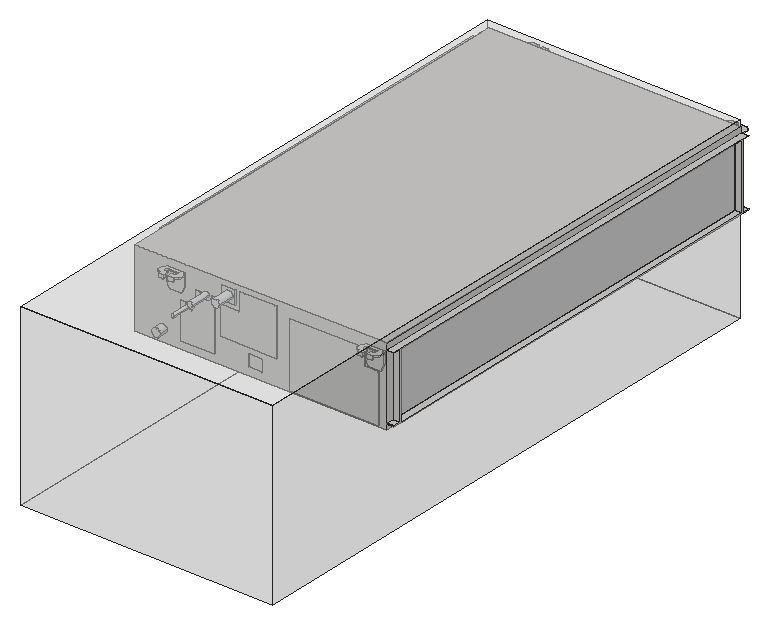
Revit family "outputfile", category 機械設備, Revit 2024
Family settings
  丸型コネクタ寸法 = 半径を使用
  パーツ タイプ = 標準
  OmniClass 番号 = 23.75.10.24.21.27.27
  OmniClass タイトル = Split System Air Conditioning Units
  作業面ベース = いいえ
  常に垂直 = はい
  ロード時にボイドで切り取り = いいえ
  注釈の向きを維持 = いいえ
  共有 = いいえ
  部屋計算ポイント = はい
Parameters (values of type "FXSQ100PAVE9")
  Description = ""
  製造元 = "Daikin"
  書き出し IFC クラス(タイプ) = "IfcUnitaryEquipmentType"
  定義済み IFC タイプ(タイプ) = "AIRCONDITIONINGUNIT"
  Cost = 0
  モデル = "FXSQ100PAVE9"
  Type Comments = ""
  Keynote = ""
  Type Image = (empty or 0)
  Assembly Code = ""
  r_Liquid Pipe Size = Liquid Pipe Size / 2  # 4.75 mm
  r_Gas Pipe Size = Gas Pipe Size / 2  # 7.95 mm
  r_Drain Pipe Size = Drain Pipe Size / 2  # 12.5 mm
  lw_power = 770.0 mm  # constant formula
  lh_SA = 138.0 mm  # constant formula
  lw_SA = if(Depth = 550.0 mm, 225.0 mm, if(Depth = 700.0 mm, 300.0 mm, if(Depth = 1000.0 mm, 450.0 mm, if(Depth = 1400.0 mm, 650.0 mm, 725.0 mm))))  # 650.0 mm
  lw_RA = if(Depth = 550.0 mm, 275.0 mm, if(Depth = 700.0 mm, 349.0 mm, if(Depth = 1000.0 mm, 499.0 mm, if(Depth = 1400.0 mm, 699.0 mm, 775.0 mm))))  # 699.0 mm
  lh_power = 60.0 mm + [h***]  # 60.0 mm
  lh_mountinghole1 = lh_mountinghole + [h***]  # 222.0 mm
  lh_RA = 123.0 mm  # constant formula
  ld_power = Depth / 2  # 700.0 mm
  Voltage_comment_60Hz = "220"
  Voltage_comment_50Hz = "220-240"
  Voltage_60Hz = 220 V
  Voltage_50Hz = 220 V
  URL = ""
  Supply Air Direction [instance] = yes
  Sound Power Level_H speed (dB) = 67
  Phase_60Hz = 1
  Phase_50Hz = 1
  Minimum External Static Pressure = 50.00 Pa
  Minimum Circuit Amps_60Hz = 2.5 A
  Minimum Circuit Amps_50Hz = 2.5 A
  Maximum Fuse Amps_60Hz = 16.0 A
  Maximum Fuse Amps_50Hz = 16.0 A
  Maximum External Static Pressure = 150.00 Pa
  Material_Casing = DAIKIN_GalvanizedSteel_Casing_indoorunit
  lw_mountinghole = 630.0 mm  # constant formula
  lh_gaspipe = 183.0 mm + [h***]  # 183.0 mm
  lh_mountinghole = 222.0 mm  # constant formula
  lh_liquidpipe = 136.0 mm + [h***]  # 136.0 mm
  lh_drainpipe = 207.0 mm + [h***]  # 207.0 mm
  lh_antena = Height - lh_mountinghole + 1.0 mm  # 24.0 mm
  ld_drainpipe = Depth / 2 + 53.0 mm  # 753.0 mm
  ld_liquidpipe = Depth / 2 + 69.0 mm  # 769.0 mm
  ld_gaspipe = Depth / 2 + 65.0 mm  # 765.0 mm
  ld_mountinghole = Depth + 38.0 mm  # 1438.0 mm
  h*** = 0.0 mm  # constant formula
  lw_liquidpipe = 179.0 mm  # constant formula
  lw_gaspipe = 229.0 mm  # constant formula
  lw_drainpipe = 300.0 mm  # constant formula
  Width = 800.0 mm
  Version = "ver.1.0"
  Unit Type = "Middle Static Pressure Duct Type"
  Unit Mass Weight = 46.00 kg
  Unit Designation [instance] = ""
  Uniclass2015Version = "Products v1.30"
  Uniclass2015Title = "Variable refrigerant flow units"
  Uniclass2015Code = "Pr_70_65_03_94"
  Total Heating Capacity [instance] = 0.000 kW
  Total Cooling Capacity [instance] = 0.000 kW
  Sound Pressure Level_M speed (dBA) = 0
  Sound Pressure Level_L speed (dBA) = 32
  Sound Pressure Level_H speed (dBA) = 39
  Series = "VRV Fan Coil Unit"
  Sensible Cooling Capacity [instance] = 0.000 kW
  SA Duct Size Width = if(Depth = 550.0 mm, 337.0 mm, if(Depth = 700.0 mm, 492.0 mm, if(Depth = 1000.0 mm, 792.0 mm, if(Depth = 1400.0 mm, 1192.0 mm, 1337.0 mm))))  # 1192.0 mm
  SA Duct Size Height = 176.0 mm
  Refrigerant Type = "R410A"
  RA Duct Size Width = if(Depth = 550.0 mm, 502.0 mm, if(Depth = 700.0 mm, 654.0 mm, if(Depth = 1000.0 mm, 952.0 mm, if(Depth = 1400.0 mm, 1352.0 mm, 1502.0 mm))))  # 1352.0 mm
  RA Duct Size Height = 208.0 mm
  Power Input (Heating) = 0.326 kW
  Power Input (Cooling) = 0.331 kW
  Option Accessory 3 [instance] = ""
  Option Accessory 2 [instance] = ""
  Option Accessory 1 [instance] = ""
  Nominal Heating Capacity = 12.500 kW
  Nominal Cooling Capacity = 11.200 kW
  Minimum Airflow = 1350.00 m³/h
  Median Airflow = 1620.00 m³/h
  Maximum Airflow = 1920.00 m³/h
  Load Classification = HVAC
  Liquid Pipe Size = 9.5 mm
  Link_Nested Family [instance] = ""
  IfcVersion = "0"
  IfcExportType = "AIRCONDITIONINGUNIT"
  IfcExportAs = "IfcUnitaryEquipmentType"
  Height = 245.0 mm
  Heating Entering Wet Bulb Temperature [instance] = 0.00 °C
  Heating Entering Dry Bulb Temperature [instance] = 0.00 °C
  Heating Ambient Wet Bulb Temperature [instance] = 0.00 °C
  Heating Ambient Dry Bulb Temperature [instance] = 0.00 °C
  Heat Exchanger Type = "Cross Fin Coil"
  Gas Pipe Size = 15.9 mm
  Frequency_60Hz = 60 Hz
  Frequency_50Hz = 50 Hz
  Fan Type = "Sirocco Fan"
  Fan Drive = "Direct Drive"
  FCU Tag No. [instance] = ""
  Drain Pipe Size = 25.0 mm
  Design Supply Airflow [instance] = 0.00 m³/h
  Design Return Airflow [instance] = 0.00 m³/h
  Design External Static Pressure [instance] = 0.00 Pa
  Depth = 1400.0 mm
  既定の高さ = 0.0 mm
  Cooling Entering Wet Bulb Temperature [instance] = 0.00 °C
  Cooling Entering Dry Bulb Temperature [instance] = 0.00 °C
  Cooling Ambient Wet Bulb Temperature [instance] = 0.00 °C
  Cooling Ambient Dry Bulb Temperature [instance] = 0.00 °C
  Clearance visibility [instance] = yes
  Clearance Top = 20.0 mm
  Clearance Right = 0.0 mm
  Clearance Rear = 0.0 mm
  Clearance Left = 0.0 mm
  Clearance Front = 450.0 mm
  Clearance Bottom = 300.0 mm
Reference planes
  plane 1 "Center (Front/Back)": y = 0
  plane 2 "h": z = 0
  plane 3 "Center (Left/Right)": x = 0
  plane 4 "Back": y = 700
  plane 5 "Front": y = -700
  plane 6 "Left": x = -400
  plane 7 "Reight": x = 400
  plane 8 "Top": z = 0
  plane 9 "Bottom": z = -245
  plane 10: y = -215
  plane 11: y = 700
  plane 12: y = -1150
  plane 13: x = -400
  plane 14: x = 400
  plane 15: z = 20
  plane 16: z = -545
  plane 17: x = -400
  plane 18: x = -399
  plane 19: x = 399
  plane 20: y = 50
  plane 21: y = -1
  plane 22: z = -122
  plane 23: y = -701
  plane 24: z = -109
  plane 25: x = -221
  plane 26: y = -765
  plane 27: z = -62
  plane 28: x = -171
  plane 29: y = -753
  plane 30: z = -38
  plane 31: x = -100
  plane 32: x = -100
  plane 33: x = -221
  plane 34: x = -171
  plane 35: x = 370
  plane 36: x = -266
  plane 37: x = 364
  plane 38: y = -719
  plane 39: y = 719
  plane 40: z = -23
  plane 41: z = -107
  plane 42: y = -770
  plane 43: z = -207
  plane 44: x = -309
  plane 45: y = -726
  plane 46: x = -251
  plane 47: x = -203
  plane 48: x = -144
  plane 49: z = -59
  plane 50: z = -106
  plane 51: z = -221
  plane 52: z = -109
  plane 53: x = -221
  plane 54: z = -62
  plane 55: x = -171
  plane 56: z = -17
  plane 57: z = -59
  plane 58: x = -121
  plane 59: x = -79
  plane 60: x = -125
  plane 61: x = -64
  plane 62: x = 53
  plane 63: z = -164
  plane 64: z = -73
  plane 65: z = -16
  plane 66: x = 93.5
  plane 67: x = 374.5
  plane 68: x = 330
  plane 69: z = -88.5
  plane 70: z = -38
  plane 71: z = -242.5
  plane 72: x = -38.5
  plane 73: x = 6.5
  plane 74: z = -181
  plane 75: z = -221
  plane 76: y = -699
  plane 77: x = -424
  plane 78: x = 424
Forms (mm)
  Extrusion 1, solid, material "DAIKIN_GalvanizedSteel_Casing_indoorunit" <- "Material_Casing"
    sketch origin (0, 0, 0) x (1, 0, 0) y (0, 1, 0)
      loop
        line (-399, 700) -> (-399, -700) -> (399, -700) -> (399, 700) -> (-399, 700)
    from -245 to 0
  Extrusion 2, solid, material "DAIKIN_GalvanizedSteel_Casing_indoorunit" <- "Material_Casing"
    sketch origin (0, 0, 0) x (1, 0, 0) y (0, 0, 1)
      loop
        line (-251, -221) -> (-144, -221) -> (-144, -59) -> (-154.47, -59)
        arc (-154.47, -59) -> (-171, -78.8) -> (-187.53, -59) r 16.8
        line (-187.53, -59) -> (-203, -59) -> (-203, -106) -> (-206.916, -106)
        arc (-206.916, -106) -> (-221, -123.4) -> (-235.084, -106) r 14.4
        line (-235.084, -106) -> (-251, -106) -> (-251, -221)
    from 700 to 701
  Extrusion 3, solid, material "DAIKIN_GalvanizedSteel_Casing_indoorunit" <- "Material_Casing"
    sketch origin (0, 0, 0) x (1, 0, 0) y (0, 0, 1)
      loop
        line (-121, -17) -> (-121, -59) -> (-79, -59) -> (-79, -17) -> (-121, -17)
      loop
        line (-125, -73) -> (-125, -164) -> (53, -164) -> (53, -16) -> (-64, -16) -> (-64, -73) -> (-125, -73)
    from 700 to 701
  Extrusion 4, solid, material "DAIKIN_GalvanizedSteel_Casing_indoorunit" <- "Material_Casing"
    sketch origin (0, 0, 0) x (1, 0, 0) y (0, 0, 1)
      loop
        line (93.5, -38) -> (93.5, -242.5) -> (374.5, -242.5) -> (374.5, -88.5) -> (330, -88.5) -> (330, -38) -> (93.5, -38)
    from 700 to 701
  Extrusion 5, solid
    sketch origin (0, 0, 0) x (1, 0, 0) y (0, 0, 1)
      loop
        circle (-221, -109) r 4.75
    from 700 to 770
  Extrusion 6, solid
    sketch origin (0, 0, 0) x (1, 0, 0) y (0, 0, 1)
      loop
        circle (-171, -62) r 7.95
    from 700 to 765
  Extrusion 7, solid
    sketch origin (0, 0, 0) x (1, 0, 0) y (0, 0, 1)
      loop
        circle (-100, -38) r 12.5
    from 701 to 753
  Extrusion 8, solid, material "DAIKIN_GalvanizedSteel_Casing_indoorunit" <- "Material_Casing"
    sketch origin (0, 0, 0) x (1, 0, 0) y (0, 0, 1)
      loop
        circle (-309, -207) r 13
    from 700 to 726
  Extrusion 9, void
    sketch origin (0, 0, 0) x (1, 0, 0) y (0, 0, 1)
      loop
        line (-38.5, -181) -> (-38.5, -221) -> (6.5, -221) -> (6.5, -181) -> (-38.5, -181)
    from 699 to 700
Cuts and joins
  Extrusion 9 cuts Extrusion 1
Dimensions and locks
  "Height": plane 8 "Top" to plane 9 "Bottom"
  equal spacing: plane 4 "Back", plane 1 "Center (Front/Back)", plane 5 "Front"
  "Depth": plane 4 "Back" to plane 5 "Front"
  equal spacing: plane 6 "Left", plane 3 "Center (Left/Right)", plane 7 "Reight"
  "Width": plane 6 "Left" to plane 7 "Reight"
  "Clearance Left": plane 13 to plane 6 "Left"
  "Clearance Right": plane 7 "Reight" to plane 14
  "Clearance Rear": plane 11 to plane 4 "Back"
  "Clearance Front": plane 5 "Front" to plane 12
  "Clearance Top": plane 15 to plane 8 "Top"
  "Clearance Bottom": plane 9 "Bottom" to plane 16
  locked: plane 17 to plane 18 at 1
  locked: plane 19 to plane 14 at 1
  "lw_SA": plane 11 to plane 20
  "lw_RA": plane 21 to plane 5 "Front"
  "lh_RA": plane 22 to plane 9 "Bottom"
  locked: plane 5 "Front" to plane 23 at 1
  "lw_liquidpipe": plane 25 to plane 6 "Left"
  "lh_liquidpipe": plane 24 to plane 9 "Bottom"
  "lh_gaspipe": plane 27 to plane 9 "Bottom"
  "lw_gaspipe": plane 28 to plane 6 "Left"
  "ld_gaspipe": plane 26 to plane 1 "Center (Front/Back)"
  "ld_drainpipe": plane 29 to plane 1 "Center (Front/Back)"
  "lh_drainpipe": plane 30 to plane 9 "Bottom"
  "lw_drainpipe": plane 31 to plane 6 "Left"
  "lw_drainpipe": plane 6 "Left" to plane 32
  "lw_liquidpipe": plane 6 "Left" to plane 33
  "lw_gaspipe": plane 6 "Left" to plane 34
  "lw_power": plane 6 "Left" to plane 35
  locked: plane 17 to plane 36 at 134
  "lw_mountinghole": plane 36 to plane 37
  equal spacing: plane 38, plane 1 "Center (Front/Back)", plane 39
  "ld_mountinghole": plane 39 to plane 38
  "lh_mountinghole": plane 40 to plane 9 "Bottom"
  "lh_SA": plane 41 to plane 9 "Bottom"
  "ld_liquidpipe": plane 21 to plane 42
  locked: plane 44 to plane 6 "Left" at 91
  locked: plane 43 to plane 9 "Bottom" at 38
  locked: plane 5 "Front" to plane 45 at 26
  plane 48 to plane 47 to plane 46 to plane 6 "Left" = 59.0 mm, 48.0 mm, 149.0 mm
  plane 8 "Top" to plane 49 to plane 50 to plane 51 = 59.0 mm locked, 47.0 mm locked, 115.0 mm locked
  plane 55 to plane 53 to plane 6 "Left" = 50.0 mm locked, 179.0 mm locked
  plane 54 to plane 52 to plane 9 "Bottom" = 47.0 mm locked, 136.0 mm locked
  plane 59 to plane 58 to plane 6 "Left" = 42.0 mm locked, 279.0 mm locked
  plane 8 "Top" to plane 56 to plane 57 = 17.0 mm locked, 42.0 mm locked
  plane 62 to plane 61 to plane 60 to plane 6 "Left" = 117.0 mm, 61.0 mm, 275.0 mm
  plane 8 "Top" to plane 65 to plane 64 = 16.0 mm locked, 57.0 mm locked
  locked: plane 65 to plane 63 at 148
  plane 8 "Top" to plane 70 to plane 69 to plane 71 = 38.0 mm locked, 50.5 mm locked, 154.0 mm locked
  plane 67 to plane 68 to plane 66 to plane 6 "Left" = 44.5 mm locked, 236.5 mm locked, 493.5 mm locked
  plane 8 "Top" to plane 74 to plane 75 = 181.0 mm locked, 40.0 mm locked
  plane 73 to plane 72 to plane 6 "Left" = 45.0 mm, 361.5 mm
  locked: plane 76 to plane 5 "Front" at 1
  locked: plane 77 to plane 17 at 24
  locked: plane 14 to plane 78 at 24
  "r_Liquid Pipe Size": radius of Extrusion 5 sketch curve
  "r_Gas Pipe Size": radius of Extrusion 6 sketch curve
  "r_Drain Pipe Size": radius of Extrusion 7 sketch curve
  aligned and locked: level to plane 2 "h"
  aligned and locked: plane 8 "Top" to Extrusion 1
  aligned and locked: Extrusion 1 to plane 9 "Bottom"
  aligned and locked: nested 5 to plane 12
  aligned and locked: plane 13 to nested 5
  aligned and locked: plane 14 to nested 5
  aligned and locked: nested 5 to plane 13
  aligned and locked: plane 11 to nested 5
  aligned and locked: plane 15 to nested 5
  aligned and locked: plane 16 to nested 5
  aligned and locked: plane 5 "Front" to Extrusion 1 sketch curve
  aligned and locked: Extrusion 1 to plane 18
  aligned and locked: plane 19 to Extrusion 1
  aligned and locked: nested 7 to plane 18
  aligned and locked: nested 7 to plane 20
  aligned and locked: plane 19 to nested 8
  aligned and locked: plane 21 to nested 8
  aligned and locked: plane 22 to nested 8
  aligned and locked: Extrusion 2 to plane 23
  aligned and locked: plane 5 "Front" to Extrusion 2
  aligned and locked: Extrusion 3 to plane 23
  aligned and locked: plane 5 "Front" to Extrusion 3
  aligned and locked: plane 5 "Front" to Extrusion 4
  aligned and locked: Extrusion 5 sketch curve to plane 25
  aligned and locked: plane 24 to Extrusion 5 sketch curve
  aligned and locked: plane 5 "Front" to Extrusion 5
  aligned and locked: Extrusion 6 sketch curve to plane 28
  aligned and locked: plane 27 to Extrusion 6 sketch curve
  aligned and locked: plane 5 "Front" to Extrusion 6
  aligned and locked: Extrusion 7 sketch curve to plane 31
  aligned and locked: Extrusion 7 sketch curve to plane 30
  aligned and locked: Extrusion 7 to plane 29
  aligned and locked: plane 23 to Extrusion 7
  aligned and locked: nested 3 to plane 29
  aligned and locked: nested 3 to plane 32
  aligned and locked: nested 2 to plane 33
  aligned and locked: nested 1 to plane 34
  aligned and locked: Extrusion 6 to plane 26
  aligned and locked: nested 1 to plane 26
  aligned and locked: nested 6 to plane 5 "Front"
  aligned and locked: nested 6 to plane 35
  aligned and locked: plane 36 to nested 10
  aligned and locked: nested 10 to plane 5 "Front"
  aligned and locked: plane 37 to nested 9
  aligned and locked: nested 9 to plane 5 "Front"
  aligned and locked: nested 11 to plane 36
  aligned and locked: plane 4 "Back" to nested 11
  aligned and locked: nested 12 to plane 37
  aligned and locked: plane 4 "Back" to nested 12
  aligned and locked: plane 40 to nested 10
  aligned and locked: plane 40 to nested 11
  aligned and locked: plane 40 to nested 9
  aligned and locked: plane 40 to nested 12
  aligned and locked: plane 36 to nested 14
  aligned and locked: nested 14 to plane 39
  aligned and locked: plane 37 to nested 13
  aligned and locked: nested 13 to plane 39
  aligned and locked: plane 37 to nested 16
  aligned and locked: plane 38 to nested 16
  aligned and locked: plane 38 to nested 15
  aligned and locked: plane 36 to nested 15
  aligned and locked: plane 17 to plane 6 "Left"
  aligned and locked: plane 41 to nested 7
  aligned and locked: Extrusion 5 to plane 42
  aligned and locked: nested 2 to plane 42
  aligned and locked: Extrusion 8 sketch curve to plane 44
  aligned and locked: plane 43 to Extrusion 8 sketch curve
  aligned and locked: plane 5 "Front" to Extrusion 8
  aligned and locked: plane 45 to Extrusion 8
  aligned and locked: Extrusion 3 sketch curve to plane 56
  aligned and locked: Extrusion 3 sketch curve to plane 58
  aligned and locked: plane 57 to Extrusion 3 sketch curve
  aligned and locked: plane 59 to Extrusion 3 sketch curve
  aligned and locked: Extrusion 4 to plane 23
  aligned and locked: Extrusion 9 sketch curve to plane 74
  aligned and locked: plane 75 to Extrusion 9 sketch curve
  aligned and locked: plane 73 to Extrusion 9 sketch curve
  aligned and locked: plane 5 "Front" to Extrusion 9
  aligned and locked: plane 76 to Extrusion 9
  aligned and locked: nested 17 to plane 20
  aligned and locked: nested 17 to plane 77
  aligned and locked: plane 21 to nested 18
  aligned and locked: plane 78 to nested 18
  aligned and locked: plane 41 to nested 17
  aligned and locked: nested 18 to plane 22
  aligned and locked: nested 4 to plane 3 "Center (Left/Right)"
  aligned and locked: plane 1 "Center (Front/Back)" to nested 4
  aligned and locked: plane 8 "Top" to level
Automatic sketch dimensions
  plane 6 "Left" to Extrusion 1 sketch curve = 1.0 mm
  Extrusion 1 sketch curve to plane 7 "Reight" = 1.0 mm
  Extrusion 1 sketch curve to plane 4 "Back" = 0.0 mm
  Extrusion 2 sketch curve to plane 46 = 0.0 mm
  Extrusion 2 sketch curve to plane 33 = 0.0 mm
  Extrusion 2 sketch curve to plane 47 = 0.0 mm
  Extrusion 2 sketch curve to plane 34 = 0.0 mm
  Extrusion 2 sketch curve to plane 48 = 0.0 mm
  Extrusion 2 sketch curve to plane 51 = 0.0 mm
  Extrusion 2 sketch curve to plane 52 = 0.0 mm
  Extrusion 2 sketch curve to plane 50 = 0.0 mm  (x3)
  Extrusion 2 sketch curve to plane 54 = 0.0 mm
  Extrusion 2 sketch curve to plane 49 = 0.0 mm  (x3)
  plane 33 to Extrusion 2 sketch curve = 14.084 mm
  plane 34 to Extrusion 2 sketch curve = 16.53 mm
  Extrusion 3 sketch curve to plane 60 = 0.0 mm
  Extrusion 3 sketch curve to plane 61 = 0.0 mm
  Extrusion 3 sketch curve to plane 62 = 0.0 mm
  Extrusion 3 sketch curve to plane 63 = 0.0 mm
  Extrusion 3 sketch curve to plane 64 = 0.0 mm
  Extrusion 3 sketch curve to plane 65 = 0.0 mm
  Extrusion 4 sketch curve to plane 66 = 0.0 mm
  Extrusion 4 sketch curve to plane 68 = 0.0 mm
  Extrusion 4 sketch curve to plane 67 = 0.0 mm
  Extrusion 4 sketch curve to plane 71 = 0.0 mm
  Extrusion 4 sketch curve to plane 69 = 0.0 mm
  Extrusion 4 sketch curve to plane 70 = 0.0 mm
  Extrusion 9 sketch curve to plane 72 = 0.0 mm
  radius of Extrusion 8 sketch curve = 13.0 mm
Nested families
  nested 1: "daikin_connector_rotate2" at (-171, 0, -62), length <- "ld_gaspipe", built-in parameter 1001364 <- "lh_gaspipe", radius <- "r_Gas Pipe Size", type "daikin_connector_rotate2"
    with radius 7.95 mm, length 765.0 mm, angle_vertical 90.00°
  nested 2: "daikin_connector_rotate2" at (-221, -1, -109), length <- "ld_liquidpipe", built-in parameter 1001364 <- "lh_liquidpipe", radius <- "r_Liquid Pipe Size", type "daikin_connector_rotate2"
    with radius 4.75 mm, length 769.0 mm, angle_vertical 90.00°
  nested 3: "daikin_connector_rotate2" at (-100, 0, -38), length <- "ld_drainpipe", built-in parameter 1001364 <- "lh_drainpipe", radius <- "r_Drain Pipe Size", type "daikin_connector_rotate2"
    with radius 12.5 mm, length 753.0 mm, angle_vertical 90.00°
  nested 4: "daikin_△_symbolicline" at (0, 0, 245) x (0, -1, 0) z (0, 0, 1), built-in parameter 1001364 <- "Height", visible <- "Supply Air Direction", type "daikin_△_symbolicline"
    with length 200.0 mm
  nested 5: "daikin_clearancespace" at (0, -225, -262.381), visible <- "Clearance visibility", show <- "Clearance visibility", Link_Nested Family <- "Link_Nested Family", type "daikin_clearancespace"
    with width 800.0 mm, show yes, height 565.0 mm, depth 1850.0 mm, Link_Nested Family ""
  nested 6: "daikin_connector_rotate2" at (370, 0, -185), built-in parameter 1001364 <- "lh_power", length <- "ld_power", type "daikin_connector_rotate2"
    with radius 10.0 mm, length 700.0 mm, angle_vertical 90.00°
  nested 7: "daikin_ductflange_FXSQ-PAVE9_2" at (-399, 50, -107) x (0, -1, 0) z (0, 0, 1), type "daikin_ductflange_FXSQ-PAVE9_2"
    with width 1192.0 mm, w 1400.0 mm
  nested 8: "daikin_ductflange_FXSQ-PAVE9_1" at (399, -1, -122) x (0, 1, 0) z (0, 0, 1), type "daikin_ductflange_FXSQ-PAVE9_1"
    with width 1352.0 mm, w 1400.0 mm
  nested 9: "daikin_hangerfixture_FXSQ-PAVE9" at (364, -700, -23), type "daikin_hangerfixture_FXSQ-PAVE9"
  nested 10: "daikin_hangerfixture_FXSQ-PAVE9" at (-266, -700, -23), type "daikin_hangerfixture_FXSQ-PAVE9"
  nested 11: "daikin_hangerfixture_FXSQ-PAVE9" at (-266, 700, -23) x (-1, 0, 0) z (0, 0, 1), type "daikin_hangerfixture_FXSQ-PAVE9"
  nested 12: "daikin_hangerfixture_FXSQ-PAVE9" at (364, 700, -23) x (-1, 0, 0) z (0, 0, 1), type "daikin_hangerfixture_FXSQ-PAVE9"
  nested 13: "daikin_mountinghole" at (364, 719, -245), h_mountinghole <- "lh_mountinghole1", l_antenna <- "lh_antena", Link_Nested Family <- "Link_Nested Family", type "daikin_mountinghole"
    with show yes, l_antenna 24.0 mm, h_mountinghole 222.0 mm, Link_Nested Family ""
  nested 14: "daikin_mountinghole" at (-266, 719, -245), h_mountinghole <- "lh_mountinghole1", l_antenna <- "lh_antena", Link_Nested Family <- "Link_Nested Family", type "daikin_mountinghole"
    with show yes, l_antenna 24.0 mm, h_mountinghole 222.0 mm, Link_Nested Family ""
  nested 15: "daikin_mountinghole" at (-266, -719, -245), h_mountinghole <- "lh_mountinghole1", l_antenna <- "lh_antena", Link_Nested Family <- "Link_Nested Family", type "daikin_mountinghole"
    with show yes, l_antenna 24.0 mm, h_mountinghole 222.0 mm, Link_Nested Family ""
  nested 16: "daikin_mountinghole" at (364, -719, -245), h_mountinghole <- "lh_mountinghole1", l_antenna <- "lh_antena", Link_Nested Family <- "Link_Nested Family", type "daikin_mountinghole"
    with show yes, l_antenna 24.0 mm, h_mountinghole 222.0 mm, Link_Nested Family ""
  nested 17: "daikin_connector_rotate2" at (-400, 50, -107) x (0, -1, 0) z (0, 0, 1), type "daikin_connector_rotate2"
    with radius 10.0 mm, length 24.0 mm, angle_vertical 90.00°
  nested 18: "daikin_connector_rotate2" at (400, -1, -122) x (0, 1, 0) z (0, 0, 1), type "daikin_connector_rotate2"
    with radius 10.0 mm, length 24.0 mm, angle_vertical 90.00°
Connectors
  piping at (-100, -753, -38), diameter 25, driven by "r_Drain Pipe Size"
    settings: on nested 3, index 3, connector inside diameter 609.6 mm, connector length 0.0 mm, flow factor 0, pipe flow 0.00 m³/h, pressure drop 0.0 Pa, fitting loss kfactor 0, connector angle 0.00°, fixture units 0, engagement length 0.0 mm, angle of deflection 0.00°, flow configuration 1, flow direction 2, fitting loss method 4, system type 16, joint type 0, gender type 0, connector reference index -1, connector utility 0, adjustable connector no, is connector primary yes, connector description "Condensate Drain Piping"
  piping at (-171, -765, -62), diameter 15.9, driven by "r_Gas Pipe Size"
    settings: on nested 1, index 4, connector inside diameter 609.6 mm, connector length 0.0 mm, flow factor 0, pipe flow 0.00 m³/h, pressure drop 0.0 Pa, fitting loss kfactor 0, connector angle 0.00°, fixture units 0, engagement length 0.0 mm, angle of deflection 0.00°, flow configuration 1, flow direction 2, fitting loss method 0, system type 29, joint type 0, gender type 0, connector reference index -1, connector utility 0, adjustable connector no, is connector primary no, connector description "Refrigerant Gas Piping"
  piping at (-221, -770, -109), diameter 9.5, driven by "r_Liquid Pipe Size"
    settings: on nested 2, index 5, connector inside diameter 609.6 mm, connector length 0.0 mm, flow factor 0, pipe flow 0.00 m³/h, pressure drop 0.0 Pa, fitting loss kfactor 0, connector angle 0.00°, fixture units 0, engagement length 0.0 mm, angle of deflection 0.00°, flow configuration 1, flow direction 1, fitting loss method 0, system type 29, joint type 0, gender type 0, connector reference index -1, connector utility 0, adjustable connector no, is connector primary no, connector description "Refrigerant Liquid Piping"
  electrical at (370, -700, -185), driven by "Load Classification"
    settings: on nested 6, index 6, voltage 0 V, apparent load 0 VA, apparent load phase1 0 VA, apparent load phase2 0 VA, apparent load phase3 0 VA, power factor 1, load classification "HVAC", number of poles 1, system type 30, power factor state 1, is connector primary yes, connector utility no, sub classification motor no, connector description "Power Supply"
  hvac at (-424, 50, -107), driven by "SA Duct Size Height", driven by "SA Duct Size Width"
    settings: on nested 17, index 7, duct flow 0.00 m³/h, flow factor 0, pres drop 0.00 Pa, loss coef 0, conn angle 0.00°, conn width 1192.0 mm, conn height 176.0 mm, conn diameter 609.6 mm, duct sys type 1, conn prof type 1, flow config 0, flow direction 2, loss method 4, conn ref index -1, conn util no, is conn primary yes, conn desc "SA Duct"
  hvac at (424, -1, -122), driven by "RA Duct Size Height", driven by "RA Duct Size Width"
    settings: on nested 18, index 8, duct flow 0.00 m³/h, flow factor 0, pres drop 0.00 Pa, loss coef 0, conn angle 0.00°, conn width 1352.0 mm, conn height 208.0 mm, conn diameter 609.6 mm, duct sys type 2, conn prof type 1, flow config 0, flow direction 1, loss method 4, conn ref index -1, conn util no, is conn primary no, conn desc "RA Duct"
Definition of nested family "daikin_clearancespace"
  Parameters (values of type "daikin_clearancespace")
    width [instance] = 1823.963 mm
    show [instance] = yes
    material = none
    height [instance] = 1359.762 mm
    depth [instance] = 880.0 mm
    Default Elevation = 0.0 mm
    Link_Nested Family [instance] = ""
  Reference planes
    plane 1 "Center (Front/Back)": y = 0
    plane 2 "Center (Elevation)": z = -0.119
    plane 3 "Center (Left/Right)": x = 0
    plane 4: y = 440
    plane 5: y = -440
    plane 6 "Right": x = 911.982
    plane 7 "Left": x = -911.982
    plane 8 "Top": z = 679.762
    plane 9 "Bottom": z = -680
  Forms (mm)
    Extrusion 1, solid, material <- "material", visible <- "show"
      sketch origin (0, 0, 0) x (1, 0, 0) y (0, 1, 0)
        loop
          line (-911.982, 440) -> (-911.982, -440) -> (911.982, -440) -> (911.982, 440) -> (-911.982, 440)
      from -680 to 679.762
  Lines and regions (mm)
    symbolic lines, visible <- "show"
      curve 1: line (911.982, 440, 0) -> (-911.982, 440, 0)
      curve 2: line (-911.982, 440, 0) -> (-911.982, -440, 0)
      curve 3: line (-911.982, -440, 0) -> (911.982, -440, 0)
      curve 4: line (911.982, -440, 0) -> (911.982, 440, 0)
      curve 5: line (911.982, 0, 679.762) -> (-911.982, 0, 679.762)
      curve 6: line (911.982, 0, -680) -> (911.982, 0, 679.762)
      curve 7: line (-911.982, 0, -680) -> (911.982, 0, -680)
      curve 8: line (-911.982, 0, 679.762) -> (-911.982, 0, -680)
      curve 9: line (0, 440, 679.762) -> (0, -440, 679.762)
      curve 10: line (0, -440, 679.762) -> (0, -440, -680)
      curve 11: line (0, 440, -680) -> (0, 440, 679.762)
      curve 12: line (0, -440, -680) -> (0, 440, -680)
  Dimensions and locks
    "width": plane 7 "Left" to plane 6 "Right"
    "depth": plane 4 to plane 5
    "height": plane 8 "Top" to plane 9 "Bottom"
    equal spacing: plane 7 "Left", plane 3 "Center (Left/Right)", plane 6 "Right"
    equal spacing: plane 4, plane 1 "Center (Front/Back)", plane 5
    equal spacing: plane 8 "Top", plane 2 "Center (Elevation)", plane 9 "Bottom"
    aligned and locked: level to plane 2 "Center (Elevation)"
    aligned and locked: Extrusion 1 sketch curve to plane 4
    aligned and locked: plane 7 "Left" to Extrusion 1 sketch curve
    aligned and locked: Extrusion 1 sketch curve to plane 5
    aligned and locked: Extrusion 1 sketch curve to plane 6 "Right"
    aligned and locked: plane 8 "Top" to Extrusion 1
    aligned and locked: curve 1 to Extrusion 1
    aligned and locked: curve 2 to Extrusion 1
    aligned and locked: curve 3 to Extrusion 1
    aligned and locked: curve 4 to Extrusion 1
    aligned and locked: curve 5 to Extrusion 1
    aligned and locked: curve 6 to Extrusion 1
    aligned and locked: curve 7 to Extrusion 1
    aligned and locked: curve 8 to Extrusion 1
    aligned and locked: curve 9 to Extrusion 1
    aligned and locked: curve 10 to Extrusion 1
    aligned and locked: curve 11 to Extrusion 1
    aligned and locked: curve 12 to Extrusion 1
    aligned and locked: Extrusion 1 to plane 9 "Bottom"
Definition of nested family "daikin_ductflange_FXSQ-PAVE9_2"
  Parameters (values of type "daikin_ductflange_FXMQ-PAVE2")
    width = if(w = 550.0 mm, 337.0 mm, if(w = 700.0 mm, 492.0 mm, if(w = 1000.0 mm, 792.0 mm, if(w = 1400.0 mm, 1192.0 mm, 1337.0 mm))))  # 337.0 mm
    material = none
    height = 215.0 mm
    depth = 1.0 mm
    w = 550.0 mm
    Default Elevation = 0.0 mm
  Reference planes
    plane 1 "Center (Front/Back)": y = 0
    plane 2: z = 0
    plane 3 "Center (Left/Right)": x = 0
    plane 4: z = 88
    plane 5: z = -88
    plane 6: y = -25
    plane 7: z = 106
    plane 8: z = 89
    plane 9: y = -1
    plane 10: x = -192.5
    plane 11: x = 192.5
    plane 12: z = -106
    plane 13: z = -89
    plane 14: y = -1
    plane 15: x = 168.5
    plane 16: x = -168.5
    plane 17: x = 169.5
    plane 18: z = 87
    plane 19: z = -87
    plane 20: x = -169.5
    plane 21: z = 87
    plane 22: z = -87
    plane 23: y = -1
  Forms (mm)
    Extrusion 1, solid, material <- "material"
      sketch origin (0, 0, 0) x (0, 1, 0) y (0, 0, 1)
        loop
          line (-25, 88) -> (0, 88) -> (0, 106) -> (-1, 106) -> (-1, 89) -> (-25, 89) -> (-25, 88)
      from -192.5 to 192.5
    Extrusion 2, solid, material <- "material"
      sketch origin (0, 0, 0) x (0, 1, 0) y (0, 0, 1)
        loop
          line (-25, -88) -> (-25, -89) -> (-1, -89) -> (-1, -106) -> (0, -106) -> (0, -88) -> (-25, -88)
      from -192.5 to 192.5
    Extrusion 3, solid, material <- "material"
      sketch origin (0, 0, 0) x (1, 0, 0) y (0, 0, 1)
        loop
          line (168.5, 88) -> (168.5, -88) -> (192.5, -88) -> (192.5, -87) -> (169.5, -87) -> (169.5, 87) -> (192.5, 87) -> (192.5, 88) -> (168.5, 88)
      from 0 to 25
    Extrusion 4, solid, material <- "material"
      sketch origin (0, 0, 0) x (1, 0, 0) y (0, 0, 1)
        loop
          line (-192.5, 88) -> (-192.5, 87) -> (-169.5, 87) -> (-169.5, -87) -> (-192.5, -87) -> (-192.5, -88) -> (-168.5, -88) -> (-168.5, 88) -> (-192.5, 88)
      from 0 to 25
    Extrusion 5, solid, material <- "material"
      sketch origin (0, 0, 0) x (1, 0, 0) y (0, 0, 1)
        loop
          line (-192.5, 88) -> (-192.5, -88) -> (-168.5, -88) -> (-168.5, 88) -> (-192.5, 88)
        loop
          line (192.5, 88) -> (168.5, 88) -> (168.5, -88) -> (192.5, -88) -> (192.5, 88)
      from 0 to 1
  Cuts and joins
    joined: Extrusion 1, Extrusion 2, Extrusion 3, Extrusion 4, Extrusion 5
  Dimensions and locks
    plane 4 to level to plane 5 = 88.0 mm, 88.0 mm
    locked: plane 6 to plane 1 "Center (Front/Back)" at 25
    locked: plane 9 to plane 1 "Center (Front/Back)" at 1
    locked: plane 8 to plane 4 at 1
    locked: plane 16 to plane 10 at 24
    locked: plane 17 to plane 15 at 1
    locked: plane 4 to plane 18 at 1
    locked: plane 19 to plane 5 at 1
    "width": plane 15 to plane 16
    plane 4 to plane 5 = 176.0 mm
    locked: plane 16 to plane 20 at 1
    locked: plane 4 to plane 21 at 1
    locked: plane 22 to plane 5 at 1
    locked: plane 23 to plane 1 "Center (Front/Back)" at 1
    plane 4 to level to plane 5 = 88.0 mm locked, 88.0 mm locked
    locked: plane 5 to plane 13 at 1
    locked: plane 5 to plane 12 at 18
    locked: plane 7 to plane 4 at 18
    equal spacing: plane 15, plane 3 "Center (Left/Right)", plane 16
    locked: plane 11 to plane 15 at 24
    plane 11 to plane 10 = 385.0 mm
    aligned and locked: level to plane 2
    aligned and locked: Extrusion 1 to plane 10
    aligned and locked: plane 11 to Extrusion 1
    aligned and locked: plane 5 to Extrusion 2
    aligned and locked: Extrusion 2 to plane 1 "Center (Front/Back)"
    aligned and locked: plane 15 to Extrusion 3 sketch curve
    aligned and locked: Extrusion 3 sketch curve to Extrusion 2  (x2)
    aligned and locked: Extrusion 3 sketch curve to plane 11
    aligned and locked: plane 6 to Extrusion 3
    aligned and locked: Extrusion 2 to plane 10
    aligned and locked: plane 11 to Extrusion 2
    aligned and locked: Extrusion 4 sketch curve to Extrusion 1  (x2)
    aligned and locked: plane 5 to Extrusion 4 sketch curve
    aligned and locked: Extrusion 4 sketch curve to plane 16
    aligned and locked: Extrusion 4 sketch curve to plane 22
    aligned and locked: plane 20 to Extrusion 4 sketch curve
    aligned and locked: plane 21 to Extrusion 4 sketch curve
    aligned and locked: Extrusion 4 to plane 1 "Center (Front/Back)"
    aligned and locked: plane 6 to Extrusion 4
    aligned and locked: Extrusion 5 sketch curve to Extrusion 1  (x4)
    aligned and locked: Extrusion 5 sketch curve to Extrusion 4  (x2)
    aligned and locked: Extrusion 5 sketch curve to Extrusion 3  (x2)
    aligned and locked: Extrusion 5 to plane 1 "Center (Front/Back)"
    aligned and locked: plane 23 to Extrusion 5
  Automatic sketch dimensions
    Extrusion 1 sketch curve to plane 6 = 0.0 mm
    Extrusion 1 sketch curve to plane 7 = 0.0 mm
    Extrusion 1 sketch curve to plane 9 = 0.0 mm
    Extrusion 1 sketch curve to plane 1 "Center (Front/Back)" = 0.0 mm
    Extrusion 1 sketch curve to plane 4 = 0.0 mm
    Extrusion 1 sketch curve to plane 8 = 0.0 mm
    Extrusion 2 sketch curve to plane 6 = 0.0 mm
    plane 12 to Extrusion 2 sketch curve = 0.0 mm
    Extrusion 2 sketch curve to plane 14 = 0.0 mm
    Extrusion 2 sketch curve to plane 1 "Center (Front/Back)" = 0.0 mm
    plane 13 to Extrusion 2 sketch curve = 0.0 mm
    Extrusion 2 sketch curve to plane 5 = 0.0 mm
    Extrusion 3 sketch curve to plane 17 = 0.0 mm
    Extrusion 3 sketch curve to plane 19 = 0.0 mm
    Extrusion 3 sketch curve to plane 18 = 0.0 mm
    Extrusion 3 sketch curve to plane 4 = 0.0 mm
    Extrusion 4 sketch curve to plane 10 = 0.0 mm
Definition of nested family "daikin_ductflange_FXSQ-PAVE9_1"
  Parameters (values of type "daikin_ductflange_FXMQ-PAVE")
    width = if(w = 550.0 mm, 502.0 mm, if(w = 700.0 mm, 654.0 mm, if(w = 1000.0 mm, 952.0 mm, if(w = 1400.0 mm, 1352.0 mm, 1502.0 mm))))  # 502.0 mm
    material = none
    height = 208.0 mm
    depth = 1.0 mm
    w = 550.0 mm
    Default Elevation = 0.0 mm
  Reference planes
    plane 1 "Center (Front/Back)": y = 0
    plane 2: z = 0
    plane 3 "Center (Left/Right)": x = 0
    plane 4: z = 104
    plane 5: z = -104
    plane 6: y = -25
    plane 7: z = 121
    plane 8: z = 105
    plane 9: y = -1
    plane 10: x = -275
    plane 11: x = 275
    plane 12: z = -122
    plane 13: z = -105
    plane 14: y = -1
    plane 15: x = 251
    plane 16: x = -251
    plane 17: x = 252
    plane 18: z = 103
    plane 19: z = -103
    plane 20: x = -252
    plane 21: z = 103
    plane 22: z = -103
    plane 23: y = -1
  Forms (mm)
    Extrusion 1, solid, material <- "material"
      sketch origin (0, 0, 0) x (0, 1, 0) y (0, 0, 1)
        loop
          line (-25, 104) -> (0, 104) -> (0, 121) -> (-1, 121) -> (-1, 105) -> (-25, 105) -> (-25, 104)
      from -275 to 275
    Extrusion 2, solid, material <- "material"
      sketch origin (0, 0, 0) x (0, 1, 0) y (0, 0, 1)
        loop
          line (-25, -104) -> (-25, -105) -> (-1, -105) -> (-1, -122) -> (0, -122) -> (0, -104) -> (-25, -104)
      from -275 to 275
    Extrusion 3, solid, material <- "material"
      sketch origin (0, 0, 0) x (1, 0, 0) y (0, 0, 1)
        loop
          line (251, 104) -> (251, -104) -> (275, -104) -> (275, -103) -> (252, -103) -> (252, 103) -> (275, 103) -> (275, 104) -> (251, 104)
      from 0 to 25
    Extrusion 4, solid, material <- "material"
      sketch origin (0, 0, 0) x (1, 0, 0) y (0, 0, 1)
        loop
          line (-275, 104) -> (-275, 103) -> (-252, 103) -> (-252, -103) -> (-275, -103) -> (-275, -104) -> (-251, -104) -> (-251, 104) -> (-275, 104)
      from 0 to 25
    Extrusion 5, solid, material <- "material"
      sketch origin (0, 0, 0) x (1, 0, 0) y (0, 0, 1)
        loop
          line (-275, 104) -> (-275, -104) -> (-251, -104) -> (-251, 104) -> (-275, 104)
        loop
          line (275, 104) -> (251, 104) -> (251, -104) -> (275, -104) -> (275, 104)
      from 0 to 1
  Cuts and joins
    joined: Extrusion 1, Extrusion 2, Extrusion 3, Extrusion 4, Extrusion 5
  Dimensions and locks
    plane 4 to level to plane 5 = 104.0 mm, 104.0 mm
    locked: plane 6 to plane 1 "Center (Front/Back)" at 25
    locked: plane 9 to plane 1 "Center (Front/Back)" at 1
    locked: plane 8 to plane 4 at 1
    locked: plane 11 to plane 15 at 24
    locked: plane 16 to plane 10 at 24
    locked: plane 17 to plane 15 at 1
    locked: plane 4 to plane 18 at 1
    locked: plane 19 to plane 5 at 1
    "width": plane 15 to plane 16
    equal spacing: plane 15, plane 3 "Center (Left/Right)", plane 16
    locked: plane 16 to plane 20 at 1
    locked: plane 4 to plane 21 at 1
    locked: plane 22 to plane 5 at 1
    locked: plane 23 to plane 1 "Center (Front/Back)" at 1
    locked: plane 7 to plane 4 at 17
    locked: plane 1 "Center (Front/Back)" to plane 14 at 1
    locked: plane 5 to plane 13 at 1
    "height": plane 4 to plane 5
    plane 11 to plane 10 = 550.0 mm
    locked: plane 12 to plane 13 at 17
    equal spacing: plane 4, level, plane 5
    aligned and locked: level to plane 2
    aligned and locked: Extrusion 1 to plane 10
    aligned and locked: plane 11 to Extrusion 1
    aligned and locked: plane 5 to Extrusion 2
    aligned and locked: Extrusion 2 to plane 1 "Center (Front/Back)"
    aligned and locked: plane 15 to Extrusion 3 sketch curve
    aligned and locked: Extrusion 3 sketch curve to Extrusion 2  (x2)
    aligned and locked: Extrusion 3 sketch curve to plane 11
    aligned and locked: plane 6 to Extrusion 3
    aligned and locked: Extrusion 2 to plane 10
    aligned and locked: plane 11 to Extrusion 2
    aligned and locked: Extrusion 4 sketch curve to Extrusion 1  (x2)
    aligned and locked: plane 5 to Extrusion 4 sketch curve
    aligned and locked: Extrusion 4 sketch curve to plane 16
    aligned and locked: Extrusion 4 sketch curve to plane 22
    aligned and locked: plane 20 to Extrusion 4 sketch curve
    aligned and locked: plane 21 to Extrusion 4 sketch curve
    aligned and locked: Extrusion 4 to plane 1 "Center (Front/Back)"
    aligned and locked: plane 6 to Extrusion 4
    aligned and locked: Extrusion 5 sketch curve to Extrusion 1  (x4)
    aligned and locked: Extrusion 5 sketch curve to Extrusion 4  (x2)
    aligned and locked: Extrusion 5 sketch curve to Extrusion 3  (x2)
    aligned and locked: Extrusion 5 to plane 1 "Center (Front/Back)"
    aligned and locked: plane 23 to Extrusion 5
  Automatic sketch dimensions
    Extrusion 1 sketch curve to plane 6 = 0.0 mm
    Extrusion 1 sketch curve to plane 7 = 0.0 mm
    Extrusion 1 sketch curve to plane 9 = 0.0 mm
    Extrusion 1 sketch curve to plane 1 "Center (Front/Back)" = 0.0 mm
    Extrusion 1 sketch curve to plane 4 = 0.0 mm
    Extrusion 1 sketch curve to plane 8 = 0.0 mm
    Extrusion 2 sketch curve to plane 6 = 0.0 mm
    plane 12 to Extrusion 2 sketch curve = 0.0 mm
    Extrusion 2 sketch curve to plane 14 = 0.0 mm
    Extrusion 2 sketch curve to plane 1 "Center (Front/Back)" = 0.0 mm
    plane 13 to Extrusion 2 sketch curve = 0.0 mm
    Extrusion 2 sketch curve to plane 5 = 0.0 mm
    Extrusion 3 sketch curve to plane 17 = 0.0 mm
    Extrusion 3 sketch curve to plane 19 = 0.0 mm
    Extrusion 3 sketch curve to plane 18 = 0.0 mm
    Extrusion 3 sketch curve to plane 4 = 0.0 mm
    Extrusion 4 sketch curve to plane 10 = 0.0 mm
Definition of nested family "daikin_hangerfixture_FXSQ-PAVE9"
  Parameters (values of type "daikin_hangerfixture_FXMQ-PAVE")
    width = 72.0 mm
    material = none
    height = 60.0 mm
    depth = 41.0 mm
    Default Elevation = 0.0 mm
  Reference planes
    plane 1 "Center (Front/Back)": y = 0
    plane 2: z = 0
    plane 3 "Center (Left/Right)": x = 0
    plane 4: y = 417.146
    plane 5: y = -41
    plane 6: x = -36
    plane 7: x = 36
    plane 8: z = -2.3
    plane 9: z = -60
    plane 10: y = -2.3
    plane 11: z = -12
    plane 12: y = -38.7
  Forms (mm)
    Extrusion 1, solid, material <- "material"
      sketch origin (0, 0, 0) x (1, 0, 0) y (0, 1, 0)
        loop
          line (-28, 0) -> (-28, -5)
          arc (-28, -5) -> (-29.127, -8.162) -> (-32, -9.899) r 5
          arc (-32, -9.899) -> (-34.873, -11.636) -> (-36, -14.798) r 5
          line (-36, -14.798) -> (-36, -27.178)
          arc (-36, -27.178) -> (-35.429, -29.499) -> (-33.846, -31.289) r 5
          line (-33.846, -31.289) -> (-23, -38.798) -> (-23, -41.098) -> (-6.5, -41.098) -> (-6.5, -28.498)
          arc (-6.5, -28.498) -> (-7.379, -26.377) -> (-9.5, -25.498) r 3
          line (-9.5, -25.498) -> (-13.5, -25.498)
          arc (-13.5, -25.498) -> (-20, -18.998) -> (-13.5, -12.498) r 6.5
          line (-13.5, -12.498) -> (13.5, -12.498)
          arc (13.5, -12.498) -> (20, -18.998) -> (13.5, -25.498) r 6.5
          line (13.5, -25.498) -> (9.5, -25.498)
          arc (9.5, -25.498) -> (7.379, -26.377) -> (6.5, -28.498) r 3
          line (6.5, -28.498) -> (6.5, -41.098) -> (23, -41.098) -> (23, -38.798) -> (33.846, -31.289)
          arc (33.846, -31.289) -> (35.429, -29.499) -> (36, -27.178) r 5
          line (36, -27.178) -> (36, -14.596)
          arc (36, -14.596) -> (34.873, -11.434) -> (32, -9.697) r 5
          arc (32, -9.697) -> (29.127, -7.96) -> (28, -4.798) r 5
          line (28, -4.798) -> (28, 0) -> (-28, 0)
      from 0 to -2.3
    Extrusion 2, solid, material <- "material"
      sketch origin (0, 0, 0) x (1, 0, 0) y (0, 0, 1)
        loop
          line (28, -39.037) -> (28, 0) -> (-28, 0) -> (-28, -39.037)
          arc (-28, -39.037) -> (-27.91, -39.983) -> (-27.642, -40.894) r 5
          line (-27.642, -40.894) -> (-21.257, -56.857)
          arc (-21.257, -56.857) -> (-19.418, -59.14) -> (-16.615, -60) r 5
          line (-16.615, -60) -> (16.615, -60)
          arc (16.615, -60) -> (19.418, -59.14) -> (21.257, -56.857) r 5
          line (21.257, -56.857) -> (27.642, -40.894)
          arc (27.642, -40.894) -> (27.91, -39.983) -> (28, -39.037) r 5
      from 0 to 2.3
    Extrusion 3, solid, material <- "material"
      sketch origin (0, 0, 0) x (1, 0, 0) y (0, 0, 1)
        loop
          line (-23, 0) -> (-23, -9)
          arc (-23, -9) -> (-22.121, -11.121) -> (-20, -12) r 3
          line (-20, -12) -> (-9.5, -12)
          arc (-9.5, -12) -> (-7.379, -11.121) -> (-6.5, -9) r 3
          line (-6.5, -9) -> (-6.5, 0) -> (-23, 0)
        loop
          line (23, 0) -> (6.5, 0) -> (6.5, -9)
          arc (6.5, -9) -> (7.379, -11.121) -> (9.5, -12) r 3
          line (9.5, -12) -> (20, -12)
          arc (20, -12) -> (22.121, -11.121) -> (23, -9) r 3
          line (23, -9) -> (23, 0)
      from 38.8 to 41.098
  Cuts and joins
    joined: Extrusion 1, Extrusion 2, Extrusion 3
  Dimensions and locks
    plane 2 to plane 8 = 2.3 mm
    "height": plane 2 to plane 9
    locked: plane 10 to plane 1 "Center (Front/Back)" at 2.3
    locked: plane 2 to plane 11 at 12
    locked: plane 12 to plane 5 at 2.3
    aligned and locked: level to plane 2
    aligned and locked: Extrusion 1 to plane 8
    aligned and locked: plane 2 to Extrusion 1
    aligned and locked: plane 2 to Extrusion 2 sketch curve
    aligned and locked: Extrusion 2 to plane 10
    aligned and locked: Extrusion 2 to plane 1 "Center (Front/Back)"
    aligned and locked: Extrusion 3 sketch curve to cut or joined group of Extrusion 1, Extrusion 2, Extrusion 3  (x3)
    aligned and locked: cut or joined group of Extrusion 1, Extrusion 2, Extrusion 3 to Extrusion 3
  Automatic sketch dimensions
    Extrusion 2 sketch curve to plane 7 = 8.0 mm
    Extrusion 2 sketch curve to plane 8 = 36.737 mm
    plane 6 to Extrusion 2 sketch curve = 19.385 mm
    Extrusion 1 sketch curve to plane 6 = 0.0 mm
    plane 1 "Center (Front/Back)" to Extrusion 1 sketch curve = 0.0 mm
    Extrusion 1 sketch curve to plane 7 = 0.0 mm
    plane 6 to Extrusion 1 sketch curve = 2.154 mm
    plane 6 to Extrusion 1 sketch curve = 3.0 mm
    Extrusion 1 sketch curve to Extrusion 1 sketch curve = 5.0 mm  (x3)
    Extrusion 1 sketch curve to plane 12 = 0.098 mm  (x2)
    Extrusion 1 sketch curve to Extrusion 1 sketch curve = 4.0 mm  (x2)
    Extrusion 1 sketch curve to plane 5 = 0.098 mm  (x2)
    Extrusion 1 sketch curve to plane 3 "Center (Left/Right)" = 6.5 mm
    plane 3 "Center (Left/Right)" to Extrusion 1 sketch curve = 6.5 mm
    Extrusion 1 sketch curve to Extrusion 1 sketch curve = 3.0 mm
    Extrusion 1 sketch curve to plane 7 = 8.0 mm
    Extrusion 1 sketch curve to plane 7 = 5.0 mm
    Extrusion 1 sketch curve to plane 7 = 3.0 mm
    Extrusion 1 sketch curve to plane 7 = 2.154 mm
    plane 12 to Extrusion 1 sketch curve = 7.411 mm  (x2)
    plane 12 to Extrusion 1 sketch curve = 10.202 mm  (x2)
    Extrusion 1 sketch curve to Extrusion 1 sketch curve = 6.5 mm  (x2)
    Extrusion 1 sketch curve to Extrusion 1 sketch curve = 12.38 mm
    Extrusion 1 sketch curve to plane 10 = 12.296 mm
    Extrusion 1 sketch curve to plane 10 = 2.7 mm
    Extrusion 1 sketch curve to plane 10 = 2.498 mm
    plane 6 to Extrusion 1 sketch curve = 4.0 mm
    Extrusion 1 sketch curve to Extrusion 1 sketch curve = 0.0 mm  (x2)
    Extrusion 1 sketch curve to plane 7 = 4.0 mm
    Extrusion 1 sketch curve to Extrusion 1 sketch curve = 4.111 mm
    Extrusion 3 sketch curve to level = 0.0 mm  (x2)
    Extrusion 3 sketch curve to plane 11 = 0.0 mm  (x2)
    plane 11 to Extrusion 3 sketch curve = 3.0 mm  (x2)
    plane 3 "Center (Left/Right)" to Extrusion 3 sketch curve = 6.5 mm
    Extrusion 3 sketch curve to Extrusion 3 sketch curve = 3.0 mm  (x2)
    Extrusion 2 sketch curve to plane 9 = 0.0 mm
    Extrusion 2 sketch curve to Extrusion 2 sketch curve = 11.385 mm
    plane 6 to Extrusion 2 sketch curve = 8.0 mm
    plane 9 to Extrusion 2 sketch curve = 20.963 mm
    Extrusion 2 sketch curve to Extrusion 2 sketch curve = 5.0 mm  (x2)
    plane 9 to Extrusion 2 sketch curve = 3.143 mm  (x3)
    Extrusion 2 sketch curve to Extrusion 2 sketch curve = 4.642 mm  (x2)
    Extrusion 2 sketch curve to Extrusion 2 sketch curve = 0.0 mm  (x2)
    Extrusion 2 sketch curve to Extrusion 2 sketch curve = 0.358 mm
    Extrusion 2 sketch curve to Extrusion 2 sketch curve = 1.857 mm  (x2)
Definition of nested family "daikin_connector_rotate2"
  Parameters (values of type "daikin_connector_rotate2")
    Default Elevation = 1219.2 mm
    show_face = no
    radius [instance] = 10.0 mm
    length [instance] = 600.0 mm
    d_surface = 10.0 mm
    angle_vertical [instance] = 90.00°
  Reference planes
    plane 1 "Center (Front/Back)": y = 0
    plane 2: z = 0
    plane 3 "Center (Left/Right)": x = 0
  Forms (mm)
    Extrusion 1, solid, visible <- "show_face"
      sketch origin (0, -600, 0) x (1, 0, 0) y (0, 0, 1)
        loop
          circle (0, 0) r 10
      from 0 to -10
  Lines and regions (mm)
    reference lines
      curve 1: line (0, 0, 0) -> (0, -600, 0)
    symbolic lines
      curve 2: circle (0, 0, 0) r 5 normal (0, 0, 1)
    model lines, visible <- "show_face"
      curve 3: line (0, 0, 0) -> (0, -600, 0)
  Dimensions and locks
    "length": curve 1 to curve 1
    "length": curve 3 to curve 3
    "d_surface": Extrusion 1 to Extrusion 1
    "radius": radius of Extrusion 1 sketch curve
    "angle_vertical": angle curve 1 to plane 1 "Center (Front/Back)"
    "angle_vertical": angle curve 3 to plane 1 "Center (Front/Back)"
    aligned and locked: level to plane 2
    aligned and locked: plane 1 "Center (Front/Back)" to curve 1
    aligned and locked: plane 2 to curve 1
    aligned and locked: plane 1 "Center (Front/Back)" to curve 2
    aligned and locked: plane 3 "Center (Left/Right)" to curve 2
    aligned and locked: plane 1 "Center (Front/Back)" to curve 3
    aligned and locked: plane 2 to curve 3
    aligned and locked: Extrusion 1 to Extrusion 1
  Automatic sketch dimensions
    Extrusion 1 sketch curve to level = 0.0 mm
    Extrusion 1 sketch curve to plane 3 "Center (Left/Right)" = 0.0 mm
    radius of curve 2 = 5.0 mm
Definition of nested family "daikin_△_symbolicline"
  Parameters (values of type "daikin_△_symbolicline")
    length [instance] = 200.0 mm
    Default Elevation = 0.0 mm
  Reference planes
    plane 1 "Center (Front/Back)": y = 0
    plane 2: z = 0
    plane 3 "Center (Left/Right)": x = 0
  Lines and regions (mm)
    symbolic lines
      curve 1: line (0, -173.205, 0) -> (100, 0, 0)
      curve 2: line (100, 0, 0) -> (-100, 0, 0)
      curve 3: line (-100, 0, 0) -> (0, -173.205, 0)
  Dimensions and locks
    equal spacing: curve 3, plane 3 "Center (Left/Right)", curve 2
    "length": curve 3 to curve 2
    "length": curve 3 to curve 3
    "length": curve 1 to curve 1
    aligned and locked: level to plane 2
    aligned and locked: curve 2 to plane 1 "Center (Front/Back)"
    aligned and locked: plane 3 "Center (Left/Right)" to curve 3
Definition of nested family "daikin_mountinghole"
  Parameters (values of type "daikin_mountinghole")
    Default Elevation = 1219.2 mm
    Type Comments = "mountinghole"
    show [instance] = yes
    material = none
    l_centerline = 100.0 mm
    l_antenna [instance] = 100.0 mm
    h_mountinghole [instance] = 0.0 mm
    d_circle = 30.0 mm
    Link_Nested Family [instance] = ""
  Reference planes
    plane 1 "Center (Front/Back)": y = 0
    plane 2: z = 0
    plane 3 "Center (Left/Right)": x = 0
    plane 4: y = 50
    plane 5: x = -50
    plane 6: x = 50
    plane 7: y = -50
    plane 8 "h_mountinghole": z = 0
    plane 9: z = 100
  Lines and regions (mm)
    model lines, detail levels fine
      curve 1: circle (0, 0, 0) r 15 normal (0, 0, 1)
      curve 2: line (-50, 0, 0) -> (50, 0, 0)
      curve 3: line (0, 50, 0) -> (0, -50, 0)
    symbolic lines, detail levels fine
      curve 4: circle (0, 0, 0) r 15 normal (0, 0, 1)
      curve 5: line (-50, 0, 0) -> (50, 0, 0)
      curve 6: line (0, 50, 0) -> (0, -50, 0)
    model lines
      curve 7: line (0, 0, 100) -> (0, 0, 0)
  Dimensions and locks
    equal spacing: plane 4, plane 1 "Center (Front/Back)", plane 7
    "l_centerline": plane 4 to plane 7
    equal spacing: plane 5, plane 3 "Center (Left/Right)", plane 6
    "l_centerline": plane 5 to plane 6
    "l_antenna": plane 9 to plane 8 "h_mountinghole"
    "h_mountinghole": plane 8 "h_mountinghole" to plane 2
    "d_circle": diameter of curve 1
    "d_circle": diameter of curve 4
    aligned and locked: level to plane 2
    aligned and locked: plane 1 "Center (Front/Back)" to curve 1
    aligned and locked: plane 3 "Center (Left/Right)" to curve 1
    aligned and locked: plane 1 "Center (Front/Back)" to curve 2
    aligned and locked: curve 3 to plane 3 "Center (Left/Right)"
    aligned and locked: plane 6 to curve 2
    aligned and locked: plane 5 to curve 2
    aligned and locked: plane 4 to curve 3
    aligned and locked: plane 7 to curve 3
    aligned and locked: plane 1 "Center (Front/Back)" to curve 4
    aligned and locked: plane 3 "Center (Left/Right)" to curve 4
    aligned and locked: plane 6 to curve 5
    aligned and locked: plane 5 to curve 5
    aligned and locked: plane 1 "Center (Front/Back)" to curve 5
    aligned and locked: plane 4 to curve 6
    aligned and locked: plane 7 to curve 6
    aligned and locked: curve 6 to plane 3 "Center (Left/Right)"
    aligned and locked: curve 7 to plane 3 "Center (Left/Right)"
    aligned and locked: plane 9 to curve 7
    aligned and locked: plane 8 "h_mountinghole" to curve 7
